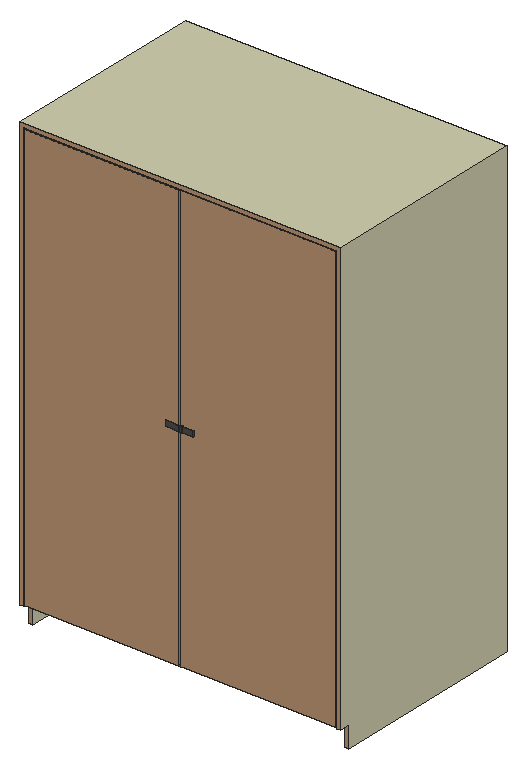
Revit family "Cabinet_Wenger_UltraStor_17", category Furniture, Revit 2015
Parameters (values of type "UltraStor Cabinet #17 - Comp Wood Doors")
  URL = "https://www.wengercorp.com/"
  Type Comments = ""
  Specification = "http://www.arcat.com/sdspecs/htm04/12_35_83wen.htm"
  Shelf Thickness = 0' - 1 1/8"
  Shelf Height From Top [instance] = 1' - 2 5/8"
  Sales Information = "https://www.wengercorp.com/contact-us.php"
  Revision = "R1_2018-04"
  Rear Panel Thickness = 0' - 0 3/4"
  Product Data = "http://www.arcat.com/arcatcos/cos36/arc36487.html"
  Manufacturer Website = "https://www.wengercorp.com/"
  Manufacturer Phone - Toll Free = "800-4WENGER"
  Manufacturer Phone = "(507) 455-4100"
  Manufacturer Fax = "(507) 455-4258"
  Manufacturer Address = "555 Park Dr., Owatonna, MN 55060"
  Keynote = "12 35 83"
  HasDoors = yes
  Green Building-LEED = "http://www.arcat.com/green/clients/leed_data_36487.html"
  Drawn By = "Sumex Design, Inc. / Robert S. Weygant, CSI, CDT, SCIP"
  Door Width = (Cabinet Width - 0' 1 5/8") / 2  # 2' - 5 7/16"
  Door Style = Door_FullHt : Solid Door
  Door Material [instance] = Wenger Cherry (Use Cherry Edge Band Only)
  Toe Kick Material [instance] = Wenger Cherry (Use Cherry Edge Band Only)
  RH End Panel [instance] = no
  Model = "#17"
  Manufacturer = "Wenger Corporation"
  LH End Panel [instance] = no
  End Panel Material [instance] = Wenger Cherry (Use Cherry Edge Band Only)
  Edge Banding Material [instance] = Wenger Cherry (Use Cherry Edge Band Only)
  Cost = 0
  Copyright = "© 2018 Arcat Inc."
  Construction Details = "http://www.arcat.com/details/wengerco/wengerco.html?coid=36487"
  Body Material [instance] = Wenger - Oyster
  Description = "Wenger UltraStor Cabinet #17 - Comp Wood Doors"
  Cabinet Width = 5' - 0 1/2"
  Cabinet Height = 7' - 1 5/8"
  Installed Depth = 3' - 3 1/4"
  Cabinet Panel Thickness = 0' - 0 3/4"
  Assembly Code = "E2010200"
Types (7): name | Rear Panel Thickness | HasDoors | Door Style | Door Material | Model | Description | Installed Depth
  Acoustic Cabinet #17 - No Doors | 0' - 3 1/4" | no | Door_FullHt : Solid Door | none | "#17A" | "Wenger Acoustic Cabinet #17 - No Doors" | 3' - 5 3/4"
  Acoustic Cabinet #17 - Comp Grille Doors | 0' - 3 1/4" | yes | Door_FullHt : Bars | Painted Black | "#17A" | "Wenger Acoustic Cabinet #17 - Comp Grille Doors" | 3' - 5 3/4"
  Acoustic Cabinet #17 - Comp Waterfall Grille Doors | 0' - 3 1/4" | yes | Door_FullHt : Waterfall | Painted Black | "#17A" | "Wenger Acoustic Cabinet #17 - Comp Waterfall Grille Doors" | 3' - 5 3/4"
  UltraStor Cabinet #17 - Comp Waterfall Grille Doors | 0' - 0 3/4" | yes | Door_FullHt : Waterfall | Painted Black | "#17" | "Wenger UltraStor Cabinet #17 - Comp Waterfall Grille Doors" | 3' - 3 1/4"
  UltraStor Cabinet #17 - Comp Grille Doors | 0' - 0 3/4" | yes | Door_FullHt : Bars | Painted Black | "#17" | "Wenger UltraStor Cabinet #17 - Comp Grille Doors" | 3' - 3 1/4"
  UltraStor Cabinet #17 - No Doors | 0' - 0 3/4" | no | Door_FullHt : Solid Door | none | "#17" | "Wenger UltraStor Cabinet #17 - No Doors" | 3' - 3 1/4"
  UltraStor Cabinet #17 - Comp Wood Doors | 0' - 0 3/4" | yes | Door_FullHt : Solid Door | Wenger Cherry (Use Cherry Edge Band Only) | "#17" | "Wenger UltraStor Cabinet #17 - Comp Wood Doors" | 3' - 3 1/4"
Reference planes (in)
  plane 1 "Front": y = 0
  plane 2: z = 0
  plane 3 "Left": x = 0
  plane 4 "Right": x = 60.5
  plane 5 "Back": y = 39.25
  plane 6 "Top": z = 85.625
  plane 7: z = 4
  plane 8: x = 0.75
  plane 9: x = 59.75
  plane 10: z = 84.875
  plane 11: x = 30.25
  plane 12: y = 38.5
  plane 13: y = 2
  plane 14: y = 0.75
  plane 15: z = 5.125
  plane 16: y = 15.58663
  plane 17: y = 14.33663
Forms (in)
  Extrusion 1, solid, material "Wenger - Oyster" <- "Body Material"
    sketch origin (0, 0, 0) x (0, 1, 0) y (0, 0, 1)
      loop
        line (0, 85.625) -> (0, 4) -> (2, 4) -> (2, 0) -> (39.25, 0) -> (39.25, 85.625) -> (0, 85.625)
    from 0 to 60.5
  Extrusion 2, void
    sketch origin (0, 0, 0) x (0, 1, 0) y (0, 0, 1)
      loop
        line (0, 84.875) -> (0, 0) -> (38.5, 0) -> (38.5, 69.125) -> (14.33663, 69.125)
        arc (14.33663, 69.125) -> (14.76959, 69.90088) -> (15.58663, 70.25) r 1.375
        line (15.58663, 70.25) -> (38.5, 70.25) -> (38.5, 84.875) -> (0, 84.875)
    from 0.75 to 59.75
  Extrusion 3, void
    sketch origin (0, 0, 0) x (0, 1, 0) y (0, 0, 1)
      loop
        line (0, 84.875) -> (0, 4) -> (0.0625, 4) -> (0.0625, 84.875) -> (0, 84.875)
    from 0.75 to 59.75
Cuts and joins
  Extrusion 2, Extrusion 3 cuts Extrusion 1
Lines and regions (in)
  Masking region 1
    outline origin (0, 0, 0) x (1, 0, 0) y (0, 1, 0)
      loop
        line (0, 39.25) -> (0, 0) -> (60.5, 0) -> (60.5, 39.25) -> (0, 39.25)
Dimensions and locks (in)
  "Cabinet Panel Thickness": plane 3 "Left" to plane 8
  "Cabinet Panel Thickness": plane 9 to plane 4 "Right"
  "Cabinet Panel Thickness": plane 5 "Back" to plane 12
  locked: plane 1 "Front" to plane 14 at 0.75
  locked: plane 1 "Front" to plane 13 at 2
  "Cabinet Panel Thickness": plane 6 "Top" to plane 10
  "Shelf Thickness": plane 15 to plane 7
  "Cabinet Width": plane 3 "Left" to plane 4 "Right"
  locked: plane 7 to level at 4
  "Cabinet Height": plane 6 "Top" to level
  "Installed Depth": plane 1 "Front" to plane 5 "Back"
  plane 3 "Left" to plane 4 "Right" = 5' - 0 1/2"
  equal spacing: plane 5 "Back", nested 2, plane 1 "Front"
  equal spacing: plane 4 "Right", plane 11, plane 3 "Left"
  locked: plane 16 to plane 17 at 1.25
  aligned and locked: Extrusion 1 sketch curve to plane 6 "Top"
  aligned and locked: Extrusion 1 sketch curve to plane 5 "Back"
  aligned and locked: Extrusion 1 sketch curve to plane 1 "Front"
  aligned and locked: Extrusion 1 sketch curve to plane 7
  aligned and locked: Extrusion 1 sketch curve to plane 13
  aligned and locked: Extrusion 1 sketch curve to level
  aligned and locked: Extrusion 1 to plane 4 "Right"
  aligned and locked: Extrusion 1 to plane 3 "Left"
  aligned and locked: Extrusion 2 sketch curve to plane 10
  aligned and locked: Extrusion 2 to plane 8
  aligned and locked: Extrusion 3 sketch curve to cut or joined group of Extrusion 1, Extrusion 2, Extrusion 3  (x3)
  aligned and locked: Extrusion 3 to plane 9
  aligned and locked: Extrusion 3 to plane 8
  aligned and locked: nested 3 to plane 8
  aligned and locked: plane 7 to cut or joined group of Extrusion 1, Extrusion 2, Extrusion 3
  aligned and locked: nested 3 to plane 7
  aligned and locked: plane 1 "Front" to nested 4
  aligned and locked: nested 4 to level
  aligned and locked: nested 4 to plane 4 "Right"
  aligned and locked: Masking region 1 sketch curve to plane 5 "Back"
  aligned and locked: Masking region 1 sketch curve to plane 1 "Front"
  aligned and locked: plane 3 "Left" to Masking region 1 sketch curve
  aligned and locked: plane 4 "Right" to Masking region 1 sketch curve
  aligned and locked: cut or joined group of Extrusion 1, Extrusion 2, Extrusion 3 to plane 9
  aligned and locked: plane 11 to nested 2
  aligned and locked: level to Extrusion 2 sketch curve
  aligned and locked: plane 1 "Front" to Extrusion 2 sketch curve
  aligned and locked: plane 12 to Extrusion 2 sketch curve  (x2)
  aligned and locked: plane 10 to nested 3
  aligned and locked: plane 17 to Extrusion 2 sketch curve
  aligned and locked: plane 16 to Extrusion 2 sketch curve
  aligned and locked: nested 5 to plane 10
  aligned and locked: nested 5 to plane 7
  aligned and locked: nested 5 to plane 9
Automatic sketch dimensions
  plane 14 to Extrusion 3 sketch curve = 0' - 0 11/16"
  Extrusion 2 sketch curve to plane 13 = 1' - 1.68942"
  Extrusion 2 sketch curve to plane 10 = 1' - 3.99615"
  Extrusion 2 sketch curve to Extrusion 2 sketch curve = 1' - 3 3/4"
Nested families (in)
  nested 1: "End Panel" at (0, 24.25, 0) x (0, -1, 0) z (0, 0, 1), End Panel Material <- "End Panel Material", visible <- "LH End Panel", Edge Banding Material <- "Edge Banding Material", type "End Panel"
    with End Panel Material Wenger Cherry (Use Cherry Edge Band Only), Edge Banding Material Wenger Cherry (Use Cherry Edge Band Only), End Panel Depth 3' - 3 1/4"
  nested 2: "Labels" at (30.25, 19.625, 0), type "Labels"
  nested 3: "Door_FullHt" at (15.46875, 0, 4) x (1, 0, 0) z (0, -1, 0), type <- "Door Style", visible <- "HasDoors", Width <- "Door Width", type "Solid Door", detail levels medium+fine
    with vBars 27, Width 2' - 5 7/16", ToeKick Height 0' - 4", MidBar no, Height 6' - 8 7/8", HalfHt 3' - 4 3/16", BarHt 6' - 8 3/8", 2HzBars no
  nested 4: "End Panel" at (61.25, 24.25, 0) x (0, -1, 0) z (0, 0, 1), End Panel Material <- "End Panel Material", Edge Banding Material <- "Edge Banding Material", visible <- "RH End Panel", type "End Panel"
    with End Panel Material Wenger Cherry (Use Cherry Edge Band Only), Edge Banding Material Wenger Cherry (Use Cherry Edge Band Only), End Panel Depth 3' - 3 1/4"
  nested 5: "Door_FullHt" at (45.03125, 0, 84.875) x (-1, 0, 0) z (0, -1, 0), Width <- "Door Width", type <- "Door Style", visible <- "HasDoors", type "Solid Door"
    with vBars 27, Width 2' - 5 7/16", ToeKick Height 0' - 4", MidBar no, Height 6' - 8 7/8", HalfHt 3' - 4 3/16", BarHt 6' - 8 3/8", 2HzBars no
Definition of nested family "End Panel"
  Parameters (values of type "End Panel")
    End Panel Material [instance] = none
    End Panel Height = 7' - 1 5/8"
    End Panel Depth = 1' - 9 3/4"
    Edge Banding Material [instance] = none
    Default Elevation = 4' - 0"
    Assembly Code = ""
  Reference planes (in)
    plane 1 "Center (Front/Back)": y = 0
    plane 2: z = 0
    plane 3 "Center (Left/Right)": x = 0
    plane 4: x = -15
    plane 5: x = 6.75
    plane 6: z = 4
    plane 7: x = 4.75
    plane 8: z = 85.625
    plane 9: y = -0.75
  Forms (in)
    Extrusion 1, solid, material <- "End Panel Material"
      sketch origin (0, 0, 0) x (1, 0, 0) y (0, 0, 1)
        loop
          line (-15, 85.625) -> (-15, 0) -> (4.75, 0) -> (4.75, 4) -> (6.75, 4) -> (6.75, 85.625) -> (-15, 85.625)
      from 0 to 0.75
  Lines and regions (in)
    Masking region 1, detail levels coarse+medium
      outline origin (0, 0, 0) x (1, 0, 0) y (0, 1, 0)
        loop
          line (-15, 0) -> (-15, -0.75) -> (6.75, -0.75) -> (6.75, 0) -> (-15, 0)
  Dimensions and locks (in)
    locked: plane 7 to plane 5 at 2
    locked: plane 6 to level at 4
    "End Panel Height": plane 8 to level
    "End Panel Depth": plane 5 to plane 4
    locked: plane 9 to plane 1 "Center (Front/Back)" at 0.75
    aligned and locked: plane 4 to Extrusion 1 sketch curve
    aligned and locked: level to Extrusion 1 sketch curve
    aligned and locked: plane 7 to Extrusion 1 sketch curve
    aligned and locked: plane 6 to Extrusion 1 sketch curve
    aligned and locked: Extrusion 1 sketch curve to plane 5
    aligned and locked: Extrusion 1 sketch curve to plane 8
    aligned and locked: Extrusion 1 to plane 9
    aligned and locked: Extrusion 1 to plane 1 "Center (Front/Back)"
    aligned and locked: plane 4 to Masking region 1 sketch curve
    aligned and locked: Masking region 1 sketch curve to plane 5
    aligned and locked: plane 1 "Center (Front/Back)" to Masking region 1 sketch curve
    aligned and locked: plane 9 to Masking region 1 sketch curve
Definition of nested family "Door_FullHt"
  Parameters (values of type "Solid Door")
    vBars [instance] = (Width - 0' 2") / 0' 1"  # 6
    Width [instance] = 0' - 8"
    ToeKick Height [instance] = 0' - 4"
    Thickness = 0' - 0 3/4"
    Solid Door = yes
    Shelf Thickness = 0' - 0 3/4"
    Panel Thickness = 0' - 0 3/4"
    MidBar [instance] = and(Height > 3' 6", HasDoor, not(Solid Door))  # no
    Height [instance] = 1' - 2 5/8"
    HasDoor = yes
    HalfHt [instance] = Height / 2 - 0' 0 1/4"  # 0' - 7 1/16"
    Edge Banding = none
    DoorGap = 0' - 0 1/8"
    Door Finish = none
    Depth = 2' - 0"
    Default Elevation = 4' - 0"
    Bars = no
    BarStyle = Bars : Waterfall
    BarHt [instance] = Height - 0' 0 1/2"  # 1' - 2 1/8"
    2HzBars [instance] = and(Height > 1' 6", not(Solid Door))  # no
  Types (3): name | Thickness | Solid Door | Bars | BarStyle
    Solid Door | 0' - 0 3/4" | yes | no | Bars : Waterfall
    Bars | 0' - 0 1/4" | no | yes | Bars : Straight
    Waterfall | 0' - 0 3/4" | no | yes | Bars : Waterfall
  Reference planes (in)
    plane 1 "Center (Front/Back)": y = 0
    plane 2: z = 0
    plane 3 "Center (Left/Right)": x = 0
    plane 4: x = -4
    plane 5: y = 14.625
    plane 6: x = 4
    plane 7: z = -0.75
    plane 8: x = -3.875
    plane 9: x = 3.875
    plane 10: y = 0.125
    plane 11: y = 14.5
    plane 12: y = -0.75
    plane 13 "CL Elev": y = 7.3125
    plane 14: x = -3.75
    plane 15: x = 3.75
    plane 16 "BtmRail": y = 0.25
    plane 17: y = 14.375
    plane 18: z = -0.125
    plane 19: x = -2.75
    plane 20: x = 2.75
    plane 21: y = 10.96875
    plane 22: y = 3.65625
  Forms (in)
    Extrusion 1, solid, material <- "Door Finish", visible <- "Solid Door", detail levels medium+fine
      sketch origin (0, 0, 0) x (1, 0, 0) y (0, 1, 0)
        loop
          arc (-3.75, 14.5) -> (-3.83839, 14.46339) -> (-3.875, 14.375) r 0.125
          line (-3.875, 14.375) -> (-3.875, 0.25)
          arc (-3.875, 0.25) -> (-3.83839, 0.16161) -> (-3.75, 0.125) r 0.125
          line (-3.75, 0.125) -> (3.75, 0.125)
          arc (3.75, 0.125) -> (3.83839, 0.16161) -> (3.875, 0.25) r 0.125
          line (3.875, 0.25) -> (3.875, 14.375)
          arc (3.875, 14.375) -> (3.83839, 14.46339) -> (3.75, 14.5) r 0.125
          line (3.75, 14.5) -> (-3.75, 14.5)
      from 0 to -0.75
    Sweep 2, solid, material <- "Door Finish", visible <- "Bars", detail levels medium+fine
      path origin (0, 0, 0) x (1, 0, 0) y (0, 1, 0)
        loop
          arc (-3.125, 14.5) -> (-3.65533, 14.28033) -> (-3.875, 13.75) r 0.75
          line (-3.875, 13.75) -> (-3.875, 0.875)
          arc (-3.875, 0.875) -> (-3.65533, 0.34467) -> (-3.125, 0.125) r 0.75
          line (-3.125, 0.125) -> (3.125, 0.125)
          arc (3.125, 0.125) -> (3.65533, 0.34467) -> (3.875, 0.875) r 0.75
          line (3.875, 0.875) -> (3.875, 13.75)
          arc (3.875, 13.75) -> (3.65533, 14.28033) -> (3.125, 14.5) r 0.75
          line (3.125, 14.5) -> (-3.125, 14.5)
      profile origin (0, 14.5, 0) x (0, 1, 0) y (0, 0, 1)
        loop
          circle (-0.125, -0.125) r 0.125
    Extrusion 3, solid, material <- "Door Finish", visible <- "MidBar", detail levels medium+fine
      sketch origin (0, 0, 0) x (0, 1, 0) y (0, 0, 1)
        loop
          circle (7.3125, -0.125) r 0.125
      from -3.75 to 3.75
    Extrusion 4, solid, visible <- "HasDoor", detail levels fine
      sketch origin (0, 0, 0) x (1, 0, 0) y (0, 1, 0)
        loop
          line (1.5, 7.8125) -> (1.5, 6.8125) -> (4.5, 6.8125) -> (4.5, 7.8125) -> (1.5, 7.8125)
      from 0 to 0.125
    Extrusion 5, solid, material <- "Door Finish", visible <- "2HzBars", detail levels medium+fine
      sketch origin (0, 0, 0) x (0, 1, 0) y (0, 0, 1)
        loop
          circle (10.96875, -0.125) r 0.125
        loop
          circle (3.65625, -0.125) r 0.125
      from -3.75 to 3.75
  Lines and regions (in)
    symbolic lines, visible <- "HasDoor", detail levels medium+fine
      curve 1: line (4, 0.25, 0) -> (-4, 0.25, 0)
      curve 2: line (-4, 0.25, 0) -> (-4, 0.25, 8)
      curve 3: arc (4, 0.25, 0) -> (1.65685, 0.25, 5.65685) -> (-4, 0.25, 8) r 8
    symbolic lines, visible <- "HasDoor"
      curve 4: line (3.875, 0.25, 0) -> (3.875, 0.25, -0.75)
      curve 5: line (3.875, 0.25, -0.75) -> (-3.875, 0.25, -0.75)
      curve 6: line (-3.875, 0.25, -0.75) -> (-3.875, 0.25, 0)
    symbolic lines, detail levels medium
      curve 7: line (3.875, 14.5, 0) -> (-3.875, 7.3125, 0)
      curve 8: line (-3.875, 7.3125, 0) -> (3.875, 0.125, 0)
  Dimensions and locks (in)
    "Height": plane 1 "Center (Front/Back)" to plane 5
    "Thickness": level to plane 7
    equal spacing: plane 4, plane 3 "Center (Left/Right)", plane 6
    "Width": plane 4 to plane 6
    "DoorGap": plane 5 to plane 11
    "DoorGap": plane 9 to plane 6
    "DoorGap": plane 4 to plane 8
    "DoorGap": plane 1 "Center (Front/Back)" to plane 10
    "Shelf Thickness": plane 1 "Center (Front/Back)" to plane 12
    equal spacing: plane 1 "Center (Front/Back)", plane 22, plane 13 "CL Elev", plane 21, plane 5
    locked: plane 15 to plane 9 at 0.125
    locked: plane 8 to plane 14 at 0.125
    locked: plane 11 to plane 17 at 0.125
    locked: plane 16 "BtmRail" to plane 10 at 0.125
    locked: level to plane 18 at 0.125
    plane 19 to plane 14 = 0' - 1"
    locked: plane 15 to plane 20 at 1
    Extrusion 4 sketch curve to plane 13 "CL Elev" to Extrusion 4 sketch curve = 0' - 0 1/2" locked, 0' - 0 1/2" locked
    locked: plane 6 to Extrusion 4 sketch curve at 0.5
    locked: Extrusion 4 sketch curve to plane 6 at 2.5
    locked: Extrusion 4 to level at 0.125
    equal spacing: group 1, group 3, group 4, group 5, group 6, group 2  (x3)
    equal spacing: group 7, group 9, group 10, group 11, group 12, group 8  (x2)
    equal spacing: group 8, group 12, group 11, group 10, group 9, group 7
    "Width": radius of curve 3
    aligned and locked: plane 2 to level
    aligned and locked: Extrusion 1 sketch curve to plane 11
    aligned and locked: plane 8 to Extrusion 1 sketch curve
    aligned and locked: Extrusion 1 sketch curve to plane 9
    aligned and locked: plane 10 to Extrusion 1 sketch curve
    aligned and locked: Extrusion 1 to plane 7
    aligned and locked: level to Extrusion 1
    aligned and locked: Sweep 2 sketch curve to plane 11
    aligned and locked: plane 8 to Sweep 2 sketch curve
    aligned and locked: plane 10 to Sweep 2 sketch curve
    aligned and locked: Sweep 2 sketch curve to plane 9
    aligned and locked: plane 15 to Extrusion 3
    aligned and locked: Extrusion 3 to plane 14
    aligned and locked: plane 20 to nested 2
    aligned and locked: plane 19 to nested 1
    aligned and locked: plane 21 to Extrusion 5 sketch curve
    aligned and locked: plane 18 to Extrusion 5 sketch curve  (x2)
    aligned and locked: plane 22 to Extrusion 5 sketch curve
    aligned and locked: Extrusion 5 to Extrusion 3  (x2)
    aligned and locked: plane 4 to curve 3  (x2)
    aligned and locked: level to curve 3
    aligned and locked: plane 7 to curve 5
    aligned and locked: Extrusion 1 to plane 8
    aligned and locked: plane 9 to Extrusion 1
    aligned and locked: plane 10 to curve 8
    aligned and locked: plane 9 to curve 8
    aligned and locked: plane 13 "CL Elev" to curve 8
    aligned and locked: plane 11 to curve 7
    aligned and locked: plane 9 to curve 7
    aligned and locked: plane 19 to nested 7
    aligned and locked: plane 13 "CL Elev" to nested 7
    aligned and locked: plane 20 to nested 8
    aligned and locked: plane 13 "CL Elev" to nested 8
    aligned and locked: plane 18 to nested 7
    aligned and locked: plane 18 to nested 9
  Automatic sketch dimensions
    plane 8 to Sweep 2 sketch curve = 0' - 0 3/4"  (x2)
    Sweep 2 sketch curve to plane 9 = 0' - 0 3/4"
    Sweep 2 sketch curve to Sweep 2 sketch curve = 0' - 0 3/4"
    Sweep 2 sketch curve to level = 0' - 0 1/8"
    profile plane to Sweep 2 sketch curve = 0' - 0 1/8"
    Extrusion 3 sketch curve to level = 0' - 0 1/8"
    Extrusion 3 sketch curve to plane 13 "CL Elev" = 0' - 0"
    curve 8 to plane 8 = 0' - 0"
    Extrusion 1 sketch curve to plane 14 = 0' - 0"  (x2)
    Extrusion 1 sketch curve to plane 15 = 0' - 0"  (x2)
    curve 5 to plane 9 = 0' - 0"
    curve 6 to plane 8 = 0' - 0"
    radius of Sweep 2 sketch curve = 0' - 0 1/8"
    radius of Extrusion 3 sketch curve = 0' - 0 1/8"
    radius of Extrusion 5 sketch curve = 0' - 0 1/8"  (x2)
  Nested families (in)
    nested 1: "Bars" at (-2.75, 0.25, -0.125) x (1, 0, 0) z (0, 1, 0), type <- "BarStyle", visible <- "Bars", type "Waterfall", detail levels fine
    nested 2: "Bars" at (2.75, 0.25, -0.125) x (1, 0, 0) z (0, 1, 0), type <- "BarStyle", visible <- "Bars", type "Waterfall", detail levels fine
    nested 3: "Bars" at (-1.65, 0.25, -0.125) x (1, 0, 0) z (0, 1, 0), type <- "BarStyle", visible <- "Bars", type "Waterfall", detail levels fine
    nested 4: "Bars" at (-0.55, 0.25, -0.125) x (1, 0, 0) z (0, 1, 0), type <- "BarStyle", visible <- "Bars", type "Waterfall", detail levels fine
    nested 5: "Bars" at (0.55, 0.25, -0.125) x (1, 0, 0) z (0, 1, 0), type <- "BarStyle", visible <- "Bars", type "Waterfall", detail levels fine
    nested 6: "Bars" at (1.65, 0.25, -0.125) x (1, 0, 0) z (0, 1, 0), type <- "BarStyle", visible <- "Bars", type "Waterfall", detail levels fine
    nested 7: "Bars" at (-2.75, 7.3125, -0.125) x (1, 0, 0) z (0, 1, 0), type <- "BarStyle", visible <- "Bars", type "Waterfall"
    nested 8: "Bars" at (2.75, 7.3125, -0.125) x (1, 0, 0) z (0, 1, 0), type <- "BarStyle", visible <- "Bars", type "Waterfall"
    nested 9: "Bars" at (-1.65, 7.3125, -0.125) x (1, 0, 0) z (0, 1, 0), type <- "BarStyle", visible <- "Bars", type "Waterfall"
    nested 10: "Bars" at (-0.55, 7.3125, -0.125) x (1, 0, 0) z (0, 1, 0), type <- "BarStyle", visible <- "Bars", type "Waterfall"
    nested 11: "Bars" at (0.55, 7.3125, -0.125) x (1, 0, 0) z (0, 1, 0), type <- "BarStyle", visible <- "Bars", type "Waterfall"
    nested 12: "Bars" at (1.65, 7.3125, -0.125) x (1, 0, 0) z (0, 1, 0), type <- "BarStyle", visible <- "Bars", type "Waterfall"
  Definition of nested family "Bars"
    Parameters (values of type "Straight")
      WaterFall = no
      Straight = yes
      Lateral Deviation = 0' - 1"
      Height = 0' - 7 1/16"
      Default Elevation = 4' - 0"
      Bars = none
    Types (2): name | WaterFall | Straight
      Waterfall | yes | no
      Straight | no | yes
    Reference planes (in)
      plane 1 "Center (Front/Back)": y = 0
      plane 2: z = 0
      plane 3 "Center (Left/Right)": x = 0
      plane 4: z = 7.0625
      plane 5: z = 3.53125
      plane 6: x = 0.5
      plane 7: x = -0.5
      plane 8: z = 5.29687
      plane 9: z = 1.76562
    Forms (in)
      Sweep 1, solid, material <- "Bars", visible <- "WaterFall", detail levels fine
        path origin (0, 0, 0) x (1, 0, 0) y (0, 0, 1)
          loop
            arc (0, 0) -> (0.37259, 0.8481) -> (0.5, 1.76563) r 3.36743
            arc (0.5, 1.76563) -> (0.37259, 2.68315) -> (0, 3.53125) r 3.36743
        profile origin (0.37259, 0, 0.8481) x (-0.962164, 0, 0.272471) y (0, -1, 0)
          loop
            circle (0, 0) r 0.0625
      Sweep 2, solid, material <- "Bars", visible <- "WaterFall", detail levels fine
        path origin (0, 0, 14.625) x (-1, 0, 0) y (0, 0, -1)
          loop
            arc (0, 7.5625) -> (0.37259, 8.4106) -> (0.5, 9.32812) r 3.36743
            arc (0.5, 9.32812) -> (0.37259, 10.24565) -> (0, 11.09375) r 3.36743
        profile origin (-0.37259, 0, 6.2144) x (0.962164, 0, -0.272471) y (0, -1, 0)
          loop
            circle (0, 0) r 0.0625
      Extrusion 3, solid, material <- "Bars", visible <- "Straight", detail levels fine
        sketch origin (0, 0, 0) x (1, 0, 0) y (0, 1, 0)
          loop
            circle (0, 0) r 0.0625
        from 0 to 7.0625
    Dimensions and locks (in)
      "Height": plane 4 to level
      equal spacing: plane 6, plane 3 "Center (Left/Right)", plane 7
      "Lateral Deviation": plane 6 to plane 7
      equal spacing: plane 4, plane 8, plane 5, plane 9, level
      aligned and locked: plane 2 to level
      aligned and locked: plane 3 "Center (Left/Right)" to Sweep 1 sketch curve  (x2)
      aligned and locked: level to Sweep 1 sketch curve
      aligned and locked: plane 6 to Sweep 1 sketch curve
      aligned and locked: plane 9 to Sweep 1 sketch curve
      aligned and locked: plane 4 to Sweep 2 sketch curve
      aligned and locked: plane 3 "Center (Left/Right)" to Sweep 2 sketch curve  (x2)
      aligned and locked: plane 8 to Sweep 2 sketch curve
      aligned and locked: plane 7 to Sweep 2 sketch curve
      aligned and locked: plane 5 to Sweep 2 sketch curve
      aligned and locked: plane 4 to Extrusion 3
      aligned and locked: Extrusion 3 to level
    Automatic sketch dimensions
      plane 1 "Center (Front/Back)" to Sweep 1 sketch curve = 0' - 0"
      Sweep 1 sketch curve to profile plane = 0' - 0"
      Sweep 1 sketch curve to Sweep 1 sketch curve = 0' - 0"
      Sweep 2 sketch curve to plane 1 "Center (Front/Back)" = 0' - 0"
      Sweep 2 sketch curve to profile plane = 0' - 0"
      plane 1 "Center (Front/Back)" to Extrusion 3 sketch curve = 0' - 0"
      Extrusion 3 sketch curve to plane 3 "Center (Left/Right)" = 0' - 0"
      radius of Sweep 1 sketch curve = 0' - 0 1/16"
      radius of Sweep 2 sketch curve = 0' - 0 1/16"
      radius of Extrusion 3 sketch curve = 0' - 0 1/16"
Definition of nested family "Labels"
  Parameters
    Cabinet Label = "01"
  Reference planes (in)
    plane 1: y = 0
    plane 2: x = 0
  Text (in)
    label "xxxx" at (-0.00018, 0.00754, 0), shows "Cabinet Label"
